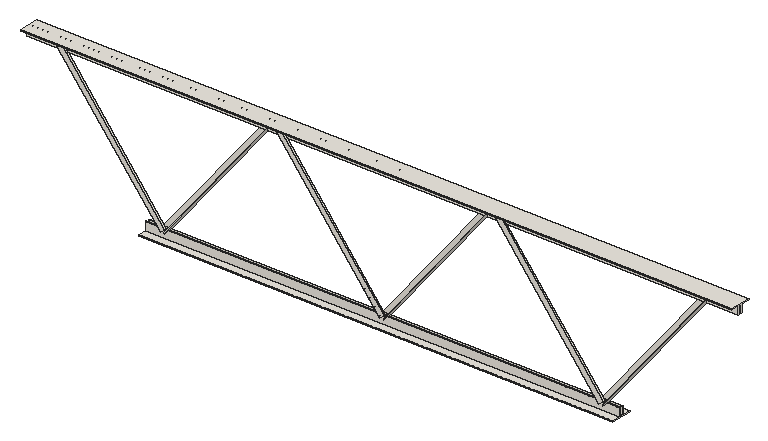
Revit family "052119 - Open Web Steel Joist Framing - Generic", category Structural Framing, Revit 2020
Family settings
  Section Shape = Not Defined
  Material for Model Behavior = Wood
  Always export as geometry = Yes
  OmniClass Number = 23.25.30.21.14.21
  OmniClass Title = Wood Trusses
  Always vertical = Yes
  Cut with Voids When Loaded = No
  Symbolic Representation = From Family
  Shared = No
  Show family pre-cut in plan views = Yes
Parameters (values of type "24"")
  Wt = 5
  Web Thickness = 0' - 0 1/8"
  Web Material = WOOD FLOOR TRUSS
  URL = "http://redbuilt.com/"
  Top Clip Vis L [instance] = Conv L > 0  # no
  Top Clip Vis [instance] = Conv > 0  # yes
  T B Chord Length Difference L [instance] = if(Bottom Bearing L, 0' 0", 0' 6 1/2")  # 0' - 0"
  T B Chord Length Difference [instance] = if(Bottom Bearing, 0' 0", 0' 6 1/2")  # 0' - 6 1/2"
  Structural Material [instance] = Metal-Redbuilt-Steel
  Product Page URL = "http://www.redbuilt.com/commercial-systems/red-l-red-w-open-web-trusses"
  Product Name = "Red-W™"
  Product Documentation Link = "http://www.redbuilt.com/documents/OW_Guide_NO_LSL_wLinks.pdf"
  Model = "Red W"
  Manufacturer Phone - Toll Free = "1.866.859.6757"  # constant formula
  Manufacturer Fax = "208.364.1300"  # constant formula
  Manufacturer Email = "rruim@redbuilt.com"  # constant formula
  Manufacturer Address = "200 E. Mallard Drive, Boise, Idaho, 83706"  # constant formula
  Manufacturer = "RedBuilt™"  # constant formula
  Description = "Joist"
  Copyright = "©2016 RedBuilt™2016 Boise, Idaho"  # constant formula
  Conv L [instance] = if(Bottom Bearing L, 0, 1)  # 0
  Conv [instance] = if(Bottom Bearing, 0, 1)  # 1
  Contact us = "http://redbuilt.com/contact/"
  Chord Width = 0' - 3 1/2"
  Bottom Chord Inset = Depth - 0' 4"  # 1' - 8"
  Bottom Bearing L [instance] = yes
  Bottom Bearing [instance] = no
  T Chord Depth = 0' - 1 1/2"
  Start Offset [instance] = 0' - 0"
  Seat Length = 0' - 4"
  Seat Depth = 0' - 2 1/2"
  PanelWidth = 3' - 0"
  Panel Array Num [instance] = Panel Array Length / PanelWidth  # 3
  Panel Array Length [instance] = Length - (2 * End Panel)  # 9' - 2"
  Panel [instance] = Panel Array Length / Panel Array Num  # 3' - 0.66667"
  Start Extension [instance] = 0' - 0"
  End Panel = 0' - 5"
  End Offset [instance] = 0' - 0"
  End Extension [instance] = 0' - 0"
  Cord Leg = 0' - 0 1/2"
  Chord Thickness = 0' - 0 1/4"
  Chord Material = WOOD FLOOR TRUSS
  B Chord Depth = 0' - 1 1/2"
  Assembly Code = ""
  Length [instance] = 10' - 0"
  Depth = 2' - 0"
Reference planes (in)
  plane 1 "Center (Front/Back)": y = 0
  plane 2: z = 0
  plane 3 "Center (Left/Right)": x = 0.1815
  plane 4 "Member Left": x = -79.8185
  plane 5 "Member Right": x = 80.1815
  plane 6: y = 1.75
  plane 7: y = -1.75
  plane 8: z = 12
  plane 9: z = -12
  plane 10 "Left": x = -59.8185
  plane 11 "Stick Symbol Left": x = -77.8185
  plane 12 "Stick Symbol Right": x = 78.1815
  plane 13 "Right": x = 60.1815
  plane 14: z = 9.5
  plane 15: x = -54.8185
  plane 16: x = 60.1815
  plane 17: x = 55.1815
  plane 18: y = 0.0625
  plane 19: y = -0.0625
  plane 20: z = 10.5
  plane 21: z = -10.5
  plane 22: x = -73.15183
  plane 23: x = -36.48517
  plane 24: x = 36.84817
  plane 25: x = 73.51483
  plane 26: z = -11.75
  plane 27: z = 11.75
  plane 28: x = 60.1815
  plane 29: x = -59.8185
  plane 30: x = 53.6815
  plane 31 "T Clip Reference": x = 59.58727
  plane 32 "T Clip L Reference": x = -59.22427
  plane 33 "B Clip Reference": x = 55.96227
  plane 34: x = 53.65073
  plane 35 "B Clip L Reference": x = -55.59927
  plane 36: x = -53.28773
  plane 37: x = 40.1815
  plane 38: x = -39.8185
Forms (in)
  Extrusion 1, solid, material "WOOD FLOOR TRUSS" <- "Chord Material", detail levels medium+fine
    sketch origin (0.1815, 0, 0) x (0, 1, 0) y (0, 0, 1)
      loop
        line (1.75, 12) -> (-1.75, 12) -> (-1.75, 11.875) -> (-0.375, 11.875) -> (-0.375, 10.5) -> (-0.25, 10.5) -> (-0.25, 11.875) -> (0.25, 11.875) -> (0.25, 10.5) -> (0.375, 10.5) -> (0.375, 11.875) -> (1.75, 11.875) -> (1.75, 12)
    from -60 to 60
  Extrusion 2, solid, material "WOOD FLOOR TRUSS" <- "Chord Material", detail levels medium+fine
    sketch origin (0.1815, 0, -19.25) x (0, 1, 0) y (0, 0, 1)
      loop
        line (1.75, 7.25) -> (1.75, 7.375) -> (0.375, 7.375) -> (0.375, 8.75) -> (0.25, 8.75) -> (0.25, 7.375) -> (-0.25, 7.375) -> (-0.25, 8.75) -> (-0.375, 8.75) -> (-0.375, 7.375) -> (-1.75, 7.375) -> (-1.75, 7.25) -> (1.75, 7.25)
    from -40 to 40
Lines and regions (in)
  symbolic lines, style "StructuralFraming", detail levels coarse
    curve 1: line (0, 1.75, 12) -> (0, 0.0625, 12)
    curve 2: line (0, -1.75, -12) -> (0, -0.0625, -12)
    curve 3: line (0, 0, -12) -> (0, 0, 12)
  symbolic lines, detail levels fine
    curve 4: line (0.1815, 0.0625, 11.75) -> (0.1815, -0.0625, 11.75)
    curve 5: line (0.1815, -0.0625, 10.5) -> (0.1815, -0.0625, -10.5)
    curve 6: line (0.1815, 0.0625, -10.5) -> (0.1815, 0.0625, 10.5)
  model lines, style "StructuralFraming", detail levels coarse
    curve 7: line (60.1815, 0, 0) -> (-59.8185, 0, 0)
Dimensions and locks (in)
  equal spacing: plane 9, plane 2, plane 8
  "Length": plane 10 "Left" to plane 13 "Right"
  equal spacing: plane 10 "Left", plane 3 "Center (Left/Right)", plane 13 "Right"
  "Depth": plane 9 to plane 8
  "Seat Depth": plane 8 to plane 14
  "End Panel": plane 10 "Left" to plane 15
  "End Panel": plane 13 "Right" to plane 17
  "B Chord Depth": plane 9 to plane 21
  "T Chord Depth": plane 20 to plane 8
  "Panel": plane 23 to plane 22
  equal spacing: plane 23, plane 15, plane 22
  "Panel": plane 24 to plane 25
  equal spacing: plane 24, plane 17, plane 25
  locked: plane 26 to plane 9 at 0.25
  locked: plane 8 to plane 27 at 0.25
  equal spacing: group 1, group 3, group 2  (x3)
  "End Offset": plane 28 to plane 13 "Right"
  "End Extension": plane 28 to plane 16
  equal spacing: plane 7, plane 1 "Center (Front/Back)", plane 6
  "Chord Width": plane 7 to plane 6
  "Web Thickness": plane 19 to plane 18
  equal spacing: plane 19, plane 1 "Center (Front/Back)", plane 18
  "T B Chord Length Difference": plane 30 to plane 13 "Right"
  "T B Chord Length Difference L": plane 10 "Left" to plane 29
  locked: plane 10 "Left" to plane 32 "T Clip L Reference" at 0.59423
  locked: plane 31 "T Clip Reference" to plane 13 "Right" at 0.59423
  locked: plane 33 "B Clip Reference" to plane 17 at 0.78077
  locked: plane 17 to plane 34 at 1.53077
  locked: plane 15 to plane 35 "B Clip L Reference" at 0.78077
  locked: plane 15 to plane 36 at 1.53077
  "Bottom Chord Inset": plane 37 to plane 13 "Right"
  "Bottom Chord Inset": plane 10 "Left" to plane 38
  aligned and locked: nested 1 to plane 15
  aligned and locked: plane 1 "Center (Front/Back)" to nested 1  (x2)
  aligned and locked: nested 2 to plane 17
  aligned and locked: plane 10 "Left" to Extrusion 1
  aligned and locked: Extrusion 1 to plane 13 "Right"
  aligned and locked: plane 37 to Extrusion 2
  aligned and locked: plane 38 to Extrusion 2
Automatic sketch dimensions
  curve 2 to plane 7 = 0' - 0"
  curve 2 to plane 9 = 0' - 0"
  curve 2 to plane 19 = 0' - 0"
  curve 5 to plane 19 = 0' - 0"
  curve 4 to plane 19 = 0' - 0"
  curve 3 to plane 1 "Center (Front/Back)" = 0' - 0"
  curve 6 to plane 18 = 0' - 0"
  curve 4 to plane 18 = 0' - 0"
  curve 3 to plane 9 = 0' - 0"
  curve 5 to plane 21 = 0' - 0"
  curve 6 to plane 21 = 0' - 0"
  curve 6 to plane 20 = 0' - 0"
  curve 5 to plane 20 = 0' - 0"
  curve 4 to plane 27 = 0' - 0"
  curve 3 to plane 8 = 0' - 0"
  curve 1 to plane 6 = 0' - 0"
  curve 1 to plane 8 = 0' - 0"
  curve 1 to plane 18 = 0' - 0"
  plane 1 "Center (Front/Back)" to curve 7 = 0' - 0"
  curve 7 to plane 10 "Left" = 0' - 0"
  curve 7 to plane 13 "Right" = 0' - 0"
  plane 8 to Extrusion 1 sketch curve = 0' - 0"
  plane 20 to Extrusion 1 sketch curve = 0' - 0"  (x2)
  plane 8 to Extrusion 1 sketch curve = 0' - 0 1/8"  (x3)
  plane 7 to Extrusion 1 sketch curve = 0' - 3 1/2"
  Extrusion 1 sketch curve to Extrusion 1 sketch curve = 0' - 1 3/8"  (x2)
  Extrusion 1 sketch curve to Extrusion 1 sketch curve = 0' - 0 1/8"  (x2)
  Extrusion 1 sketch curve to Extrusion 1 sketch curve = 0' - 0 1/2"
  plane 7 to Extrusion 2 sketch curve = 0' - 0"
  plane 6 to Extrusion 2 sketch curve = 0' - 0"
  Extrusion 2 sketch curve to plane 19 = 0' - 0 5/16"
  Extrusion 2 sketch curve to Extrusion 2 sketch curve = 0' - 0 1/8"  (x3)
  plane 18 to Extrusion 2 sketch curve = 0' - 0 3/16"
  Extrusion 2 sketch curve to plane 9 = 0' - 1 1/2"
  Extrusion 2 sketch curve to Extrusion 2 sketch curve = 0' - 0"  (x3)
  Extrusion 2 sketch curve to Extrusion 2 sketch curve = 0' - 1 3/8"
Nested families (in)
  nested 1: "Panel" at (-54.8185, 0, 0), PanelHeight <- "Depth", Web Material <- "Web Material", type "Angled Web", detail levels medium+fine
    with Web Material WOOD FLOOR TRUSS, PanelHeight 2' - 0", PanelWidth 3' - 0"
  nested 2: "Panel" at (19.1815, 0, 0), PanelHeight <- "Depth", Web Material <- "Web Material", type "Angled Web", detail levels medium+fine
    with Web Material WOOD FLOOR TRUSS, PanelHeight 2' - 0", PanelWidth 3' - 0"
  nested 3: "Panel" at (-17.8185, 0, 0), PanelHeight <- "Depth", Web Material <- "Web Material", type "Angled Web", detail levels medium+fine
    with Web Material WOOD FLOOR TRUSS, PanelHeight 2' - 0", PanelWidth 3' - 0"
Definition of nested family "Panel"
  Parameters (values of type "Angled Web")
    WebMaterial = none
    Web Thickness = 0' - 0 3/8"
    Web Material [instance] = none
    PanelHeight [instance] = 1' - 0"
    PanelWidth = 4' - 0"
    Assembly Code = ""
  Reference planes (in)
    plane 1 "Center (Front/Back)": y = 0
    plane 2: z = 0
    plane 3 "Center (Left/Right)": x = 0
    plane 4: x = 48
    plane 5: x = 24
    plane 6: z = -6
    plane 7: z = 6
    plane 8: y = -0.1875
    plane 9: y = 0.1875
    plane 10: x = 0.28125
    plane 11: x = 47.71875
    plane 12: z = -5
    plane 13: z = 5
    plane 14: x = 23.71532
    plane 15: x = 24.28468
  Forms (in)
    Sweep 1, solid, material <- "WebMaterial"
      path in 3D
        loop
          line (0.28125, 0, 5) -> (23.71532, 0, -5)
      profile "Web Profile : Web Profile" origin (11.99828, 0, 0) x (0.392487, 0, 0.919757) y (0, -1, 0)
        loop
          line (-0.0625, -0.5) -> (0.0625, -0.5) -> (0.0625, 0.375) -> (0.9375, 0.375) -> (0.9375, 0.5) -> (-0.0625, 0.5) -> (-0.0625, -0.5)
    Sweep 2, solid, material <- "WebMaterial"
      path in 3D
        loop
          line (24.28468, 0, -5) -> (47.71875, 0, 5)
      profile "Web Profile : Web Profile" origin (36.00172, 0, 0) x (-0.392487, 0, 0.919757) y (0, -1, 0)
        loop
          line (-0.0625, 0.5) -> (-0.0625, -0.5) -> (0.9375, -0.5) -> (0.9375, -0.375) -> (0.0625, -0.375) -> (0.0625, 0.5) -> (-0.0625, 0.5)
  Lines and regions (in)
    model lines
      curve 1: line (0, 0, -6) -> (0, 0, 6)
      curve 2: line (0, 0, 6) -> (48, 0, 6)
      curve 3: line (48, 0, 6) -> (48, 0, -6)
      curve 4: line (48, 0, -6) -> (0, 0, -6)
    model lines, detail levels medium
      curve 5: line (0.28125, 0, 5) -> (23.71532, 0, -5)
      curve 6: line (24.28468, 0, -5) -> (47.71875, 0, 5)
    sketch lines
      curve 7: line (0.28125, 0, 5) -> (23.71532, 0, -5)
      curve 8: line (24.28468, 0, -5) -> (47.71875, 0, 5)
  Dimensions and locks (in)
    "PanelWidth": plane 4 to plane 3 "Center (Left/Right)"
    equal spacing: plane 4, plane 5, plane 3 "Center (Left/Right)"
    "PanelHeight": plane 7 to plane 6
    equal spacing: plane 7, plane 2, plane 6
    "Web Thickness": plane 9 to plane 8
    equal spacing: plane 9, plane 1 "Center (Front/Back)", plane 8
    locked: plane 10 to plane 3 "Center (Left/Right)" at 0.28125
    locked: plane 11 to plane 4 at 0.28125
    locked: plane 7 to plane 13 at 1
    locked: plane 12 to plane 6 at 1
    plane 14 to plane 5 = 0' - 0.28468"
    plane 5 to plane 15 = 0' - 0.28468"
    aligned and locked: plane 7 to curve 2
  Automatic sketch dimensions
    curve 1 to plane 3 "Center (Left/Right)" = 0' - 0"
    curve 5 to plane 10 = 0' - 0"
    curve 6 to plane 12 = 0' - 0"
    curve 6 to plane 15 = 0' - 0"
    curve 6 to plane 11 = 0' - 0"
    curve 4 to plane 4 = 0' - 0"
    curve 1 to plane 6 = 0' - 0"
    curve 6 to plane 13 = 0' - 0"
    curve 5 to plane 13 = 0' - 0"
    curve 5 to plane 12 = 0' - 0"
    curve 5 to plane 14 = 0' - 0"
